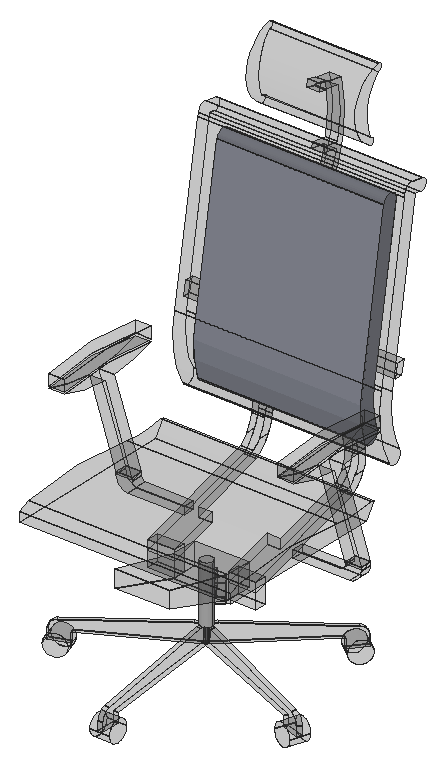
Revit family
Parameters
  Assembly Code = ""
  알루미늄 = 알루미늄
  베이스/Armd 재료 = 플라스틱 - 검은색
  캐스터 재료 = 플라스틱 - 검은색
  좌석/뒷면 재료 = 직물 - 슬레이트
  바닥 [instance] = 130.00 mm
Reference planes
  plane 1 "중심(앞/뒤)": y = 147.9
  plane 2: z = 0
  plane 3 "중심(왼쪽/오른쪽)": x = 300.109
  plane 4: y = 490.8
  plane 5: y = -195
  plane 6: through (0, -131.752, -23.231) normal (0, -0.9848, -0.1736)
Forms (mm)
  Extrusion 1, solid, material "플라스틱 - 검은색" <- "베이스/Armd 재료"
    sketch origin (249.309, 66.846, 101.816) x (0, 1, 0) y (0, 0, 1)
      loop
        line (-38.48, 275.253) -> (-227.688, 322.427) -> (-227.688, 277.631) -> (-36.347, 215.461) -> (31.079, 215.461) -> (31.079, 275.253) -> (-38.48, 275.253)
    from -20 to 121.6
  Extrusion 2, solid, material "플라스틱 - 검은색" <- "캐스터 재료"
    sketch origin (300.109, 66.846, 101.6) x (0, -1, 0) y (0, 0, 1)
      loop
        circle (336.446, 28.184) r 28.2
    from 25.4 to -25.4
  Extrusion 3, solid, material "플라스틱 - 검은색" <- "베이스/Armd 재료"
    sketch origin (282.09, 53.755, 101.816) x (0.951057, -0.309017, 0) y (0, 0, 1)
      loop
        line (18.946, 84.285) -> (311.046, 53.584) -> (311.046, 28.184) -> (361.846, 28.184) -> (361.846, 52.487)
        arc (361.846, 52.487) -> (355.903, 68.813) -> (340.857, 77.501) r 25.4
        line (340.857, 77.501) -> (44.346, 129.784) -> (18.946, 129.784) -> (18.946, 84.285)
    from 6.35 to -6.35
  Extrusion 4, solid, material "플라스틱 - 검은색" <- "캐스터 재료"
    sketch origin (282.09, 53.755, 101.816) x (0.951057, -0.309017, 0) y (0, 0, 1)
      loop
        circle (336.446, 28.184) r 28.2
    from 25.4 to -25.4
  Extrusion 5, solid, material "플라스틱 - 검은색" <- "캐스터 재료"
    sketch origin (288.972, 32.573, 101.816) x (0.587785, 0.809017, 0) y (0, 0, 1)
      loop
        circle (336.446, 28.184) r 28.2
    from 25.4 to -25.4
  Extrusion 6, solid, material "플라스틱 - 검은색" <- "캐스터 재료"
    sketch origin (311.245, 32.573, 101.816) x (-0.587785, 0.809017, 0) y (0, 0, 1)
      loop
        circle (336.446, 28.184) r 28.2
    from 25.4 to -25.4
  Extrusion 7, solid, material "플라스틱 - 검은색" <- "캐스터 재료"
    sketch origin (318.127, 53.755, 101.816) x (-0.951057, -0.309017, 0) y (0, 0, 1)
      loop
        circle (336.446, 28.184) r 28.2
    from 25.4 to -25.4
  Extrusion 8, solid, material "알루미늄" <- "알루미늄"
    sketch origin (370.909, 30.499, 317.277) x (0, 1, 0) y (1, 0, 0)
      loop
        circle (17.402, -70.8) r 15.4
    from 85.677 to -62.17
  Extrusion 9, solid, material "플라스틱 - 검은색" <- "베이스/Armd 재료"
    sketch origin (318.127, 53.755, 101.816) x (-0.951057, -0.309017, 0) y (0, 0, -1)
      loop
        line (18.946, -84.285) -> (18.946, -129.784) -> (44.346, -129.784) -> (340.857, -77.501)
        arc (340.857, -77.501) -> (355.903, -68.813) -> (361.846, -52.487) r 25.4
        line (361.846, -52.487) -> (361.846, -28.184) -> (311.046, -28.184) -> (311.046, -53.584) -> (18.946, -84.285)
    from 6.35 to -6.35
  Extrusion 10, solid, material "플라스틱 - 검은색" <- "베이스/Armd 재료"
    sketch origin (288.972, 32.573, 101.816) x (0.587785, 0.809017, 0) y (0, 0, 1)
      loop
        line (18.946, 84.285) -> (311.046, 53.584) -> (311.046, 28.184) -> (361.846, 28.184) -> (361.846, 52.487)
        arc (361.846, 52.487) -> (355.903, 68.813) -> (340.857, 77.501) r 25.4
        line (340.857, 77.501) -> (44.346, 129.784) -> (18.946, 129.784) -> (18.946, 84.285)
    from 6.35 to -6.35
  Extrusion 11, solid, material "플라스틱 - 검은색" <- "베이스/Armd 재료"
    sketch origin (311.245, 32.573, 101.816) x (-0.587785, 0.809017, 0) y (0, 0, -1)
      loop
        line (18.946, -84.285) -> (18.946, -129.784) -> (44.346, -129.784) -> (340.857, -77.501)
        arc (340.857, -77.501) -> (355.903, -68.813) -> (361.846, -52.487) r 25.4
        line (361.846, -52.487) -> (361.846, -28.184) -> (311.046, -28.184) -> (311.046, -53.584) -> (18.946, -84.285)
    from 6.35 to -6.35
  Extrusion 12, solid, material "플라스틱 - 검은색" <- "베이스/Armd 재료"
    sketch origin (300.109, 66.846, 101.816) x (0, -1, 0) y (0, 0, 1)
      loop
        line (18.946, 84.285) -> (311.046, 53.584) -> (311.046, 28.184) -> (361.846, 28.184) -> (361.846, 52.487)
        arc (361.846, 52.487) -> (355.903, 68.813) -> (340.857, 77.501) r 25.4
        line (340.857, 77.501) -> (44.346, 129.784) -> (18.946, 129.784) -> (18.946, 84.285)
    from 6.35 to -6.35
  Extrusion 13, solid, material "플라스틱 - 검은색" <- "베이스/Armd 재료"
    sketch origin (27.059, 124.1, 647.916) x (0, -1, 0) y (0, 0, -1)
      loop
        line (339.15, 162.316) -> (-100.85, 162.316) -> (-126.661, 125.455)
        arc (-126.661, 125.455) -> (-18.522, 98.743) -> (92.431, 88.9) r 725.52
        arc (92.431, 88.9) -> (218.241, 100.275) -> (339.15, 136.857) r 621.433
        line (339.15, 136.857) -> (339.15, 162.316)
    from 546.1 to 0
  Extrusion 14, void
    sketch origin (617.609, 124.1, 647.916) x (0, 1, 0) y (0, 0, -1)
      loop
        arc (-92.431, 88.9) -> (12.719, 97.799) -> (115.465, 121.857) r 725.52
        arc (115.465, 121.857) -> (60.578, 129.513) -> (5.305, 125.496) r 262.954
        arc (5.305, 125.496) -> (-152.292, 111.423) -> (-309.889, 125.496) r 889.443
        arc (-309.889, 125.496) -> (-202.797, 97.475) -> (-92.431, 88.9) r 621.433
    from 590.55 to 44.45
  Extrusion 15, solid, material "플라스틱 - 검은색" <- "베이스/Armd 재료"
    sketch origin (370.909, 66.846, 101.816) x (0, 1, 0) y (0, 0, 1)
      loop
        line (-34.346, 255.253) -> (276.508, 344.389)
        arc (276.508, 344.389) -> (311.299, 381.051) -> (323.954, 429.984) r 100.932
        line (323.954, 429.984) -> (323.954, 697.2) -> (264.011, 697.2) -> (259.602, 672.2) -> (298.954, 672.2) -> (298.954, 429.984)
        arc (298.954, 429.984) -> (290.211, 394.609) -> (265.994, 367.381) r 75.932
        line (265.994, 367.381) -> (-34.346, 281.26) -> (-34.346, 255.253)
    from 70 to 0
  Extrusion 16, void
    sketch origin (229.309, 390.8, 531.801) x (0, 0, 1) y (1, 0, 0)
      loop
        line (267.216, -70) -> (267.216, -35) -> (148.005, -35)
        arc (148.005, -35) -> (118.364, -39.758) -> (89.463, -47.881) r 261.606
        arc (89.463, -47.881) -> (24.251, -64.432) -> (-42.798, -70) r 406.493
        line (-42.798, -70) -> (267.216, -70)
      loop
        line (-174.731, 0) -> (-174.731, -35) -> (-42.798, -35)
        arc (-42.798, -35) -> (18.478, -29.912) -> (78.075, -14.786) r 371.493
        arc (78.075, -14.786) -> (111.74, -5.38) -> (146.279, 0) r 296.606
        line (146.279, 0) -> (-174.731, 0)
    from 19.654 to -235.021
  Extrusion 17, solid, material "플라스틱 - 검은색" <- "베이스/Armd 재료"
    sketch origin (229.309, 66.846, 101.816) x (0, 1, 0) y (0, 0, -1)
      loop
        line (-34.346, -255.253) -> (-34.346, -281.26) -> (265.994, -367.381)
        arc (265.994, -367.381) -> (290.211, -394.609) -> (298.954, -429.984) r 75.932
        line (298.954, -429.984) -> (298.954, -672.2) -> (254.375, -672.2) -> (258.784, -697.2) -> (323.954, -697.2) -> (323.954, -429.984)
        arc (323.954, -429.984) -> (311.299, -381.051) -> (276.508, -344.389) r 100.932
        line (276.508, -344.389) -> (-34.346, -255.253)
    from 70 to 0
  Extrusion 18, void
    sketch origin (370.909, 390.8, 531.801) x (0, 0, 1) y (1, 0, 0)
      loop
        line (267.216, 70) -> (-42.798, 70)
        arc (-42.798, 70) -> (24.251, 64.432) -> (89.463, 47.881) r 406.493
        arc (89.463, 47.881) -> (118.364, 39.758) -> (148.005, 35) r 261.606
        line (148.005, 35) -> (267.216, 35) -> (267.216, 70)
      loop
        line (-174.731, 0) -> (146.279, 0)
        arc (146.279, 0) -> (111.74, 5.38) -> (78.075, 14.786) r 296.606
        arc (78.075, 14.786) -> (18.478, 29.912) -> (-42.798, 35) r 371.493
        line (-42.798, 35) -> (-174.731, 35) -> (-174.731, 0)
    from 19.654 to -235.021
  Extrusion 19, solid, material "플라스틱 - 검은색" <- "베이스/Armd 재료"
    sketch origin (370.909, 66.846, 101.816) x (0, 1, 0) y (0, 0, 1)
      loop
        line (-34.346, 281.26) -> (-34.346, 215.461) -> (-2.634, 215.461) -> (-2.634, 281.26) -> (-34.346, 281.26)
    from 70 to 0
  Extrusion 20, solid, material "플라스틱 - 검은색" <- "베이스/Armd 재료"
    sketch origin (229.309, 66.846, 101.816) x (0, 1, 0) y (0, 0, -1)
      loop
        line (-34.346, -281.26) -> (-2.634, -281.26) -> (-2.634, -215.461) -> (-34.346, -215.461) -> (-34.346, -281.26)
    from 70 to 0
  Extrusion 21, solid, material "플라스틱 - 검은색" <- "베이스/Armd 재료"
    sketch origin (617.609, 251.1, 760.825) x (0, -1, 0) y (0, 0, -1)
      loop
        arc (35.477, 10.435) -> (176.6, -2.247) -> (317.723, 10.435) r 791.576
        line (317.723, 10.435) -> (317.723, 40.943)
        arc (317.723, 40.943) -> (176.6, 27.753) -> (35.477, 40.943) r 761.576
        line (35.477, 40.943) -> (35.477, 10.435)
      loop
        line (67.346, 334.377) -> (154.306, 71.085)
        arc (154.306, 71.085) -> (94.381, 63.02) -> (36.403, 45.856) r 392.945
        arc (36.403, 45.856) -> (176.6, 32.753) -> (316.797, 45.856) r 756.576
        arc (316.797, 45.856) -> (252.364, 64.344) -> (185.726, 71.612) r 392.945
        line (185.726, 71.612) -> (96.207, 342.652) -> (67.346, 334.377)
    from 0 to -41.659
  Extrusion 22, solid, material "플라스틱 - 검은색" <- "베이스/Armd 재료"
    sketch origin (-17.391, 251.1, 760.825) x (0, -1, 0) y (0, 0, 1)
      loop
        line (35.477, -10.435) -> (35.477, -40.943)
        arc (35.477, -40.943) -> (176.6, -27.753) -> (317.723, -40.943) r 761.576
        line (317.723, -40.943) -> (317.723, -10.435)
        arc (317.723, -10.435) -> (176.6, 2.247) -> (35.477, -10.435) r 791.576
      loop
        line (67.346, -334.377) -> (96.207, -342.652) -> (185.726, -71.612)
        arc (185.726, -71.612) -> (252.364, -64.344) -> (316.797, -45.856) r 392.945
        arc (316.797, -45.856) -> (176.6, -32.753) -> (36.403, -45.856) r 756.576
        arc (36.403, -45.856) -> (94.381, -63.02) -> (154.306, -71.085) r 392.945
        line (154.306, -71.085) -> (67.346, -334.377)
    from 0 to -41.659
  Extrusion 23, solid, material "플라스틱 - 검은색" <- "베이스/Armd 재료"
    sketch origin (229.309, 64.212, 383.077) x (0, 0, -1) y (-1, 0, 0)
      loop
        line (-2.532, 70) -> (-2.532, 217.546)
        arc (-2.532, 217.546) -> (-13.242, 238.347) -> (-35.096, 246.7) r 32.763
        line (-35.096, 246.7) -> (-43.371, 246.7) -> (-43.371, 205.041) -> (-35.096, 205.041)
        arc (-35.096, 205.041) -> (-27.452, 202.179) -> (-23.569, 195) r 11.636
        line (-23.569, 195) -> (-23.569, 70) -> (-2.532, 70)
    from 119.589 to 87.926
  Extrusion 24, solid, material "플라스틱 - 검은색" <- "베이스/Armd 재료"
    sketch origin (370.909, 64.212, 383.077) x (0, 0, -1) y (-1, 0, 0)
      loop
        line (-2.532, -70) -> (-23.569, -70) -> (-23.569, -195)
        arc (-23.569, -195) -> (-27.452, -202.179) -> (-35.096, -205.041) r 11.636
        line (-35.096, -205.041) -> (-43.371, -205.041) -> (-43.371, -246.7) -> (-35.096, -246.7)
        arc (-35.096, -246.7) -> (-13.242, -238.347) -> (-2.532, -217.546) r 32.763
        line (-2.532, -217.546) -> (-2.532, -70)
    from 119.589 to 87.926
  Extrusion 25, solid, material "플라스틱 - 검은색" <- "베이스/Armd 재료"
    sketch origin (370.909, 66.846, 101.816) x (0, 1, 0) y (0, 0, 1)
      loop
        arc (313.148, 1102.747) -> (297.687, 1099.164) -> (288.67, 1086.102) r 21.978
        line (288.67, 1086.102) -> (286.887, 1075.99)
        arc (286.887, 1075.99) -> (255.665, 866.964) -> (213.513, 659.865) r 4024.658
        arc (213.513, 659.865) -> (209.257, 567.973) -> (237.779, 480.515) r 255.835
        arc (237.779, 480.515) -> (264.887, 472.444) -> (272.958, 499.553) r 20
        arc (272.958, 499.553) -> (249.546, 568.877) -> (250.641, 642.041) r 215.835
        arc (250.641, 642.041) -> (297.694, 853.952) -> (324.408, 1069.374) r 2283.079
        line (324.408, 1069.374) -> (340.469, 1066.315)
        arc (340.469, 1066.315) -> (358.406, 1078.512) -> (346.209, 1096.45) r 15.338
        line (346.209, 1096.45) -> (313.148, 1102.747)
    from 196.7 to -338.3
  Extrusion 26, void
    sketch origin (567.609, 66.846, 101.816) x (0, -1, 0) y (0, 0, 1)
      loop
        arc (-283.033, 1045.527) -> (-304.261, 1062.57) -> (-322.169, 1042.067) r 19.661
        arc (-322.169, 1042.067) -> (-295.323, 840.459) -> (-250.641, 642.041) r 2283.079
        arc (-250.641, 642.041) -> (-247.485, 587.033) -> (-258.36, 533.019) r 215.835
        arc (-258.36, 533.019) -> (-246.324, 509.151) -> (-221.163, 518.178) r 20.175
        arc (-221.163, 518.178) -> (-207.319, 588.481) -> (-213.513, 659.865) r 255.835
        arc (-213.513, 659.865) -> (-252.97, 851.849) -> (-283.033, 1045.527) r 4024.658
    from 482.201 to 49.852
  Extrusion 27, solid, material "직물 - 슬레이트" <- "좌석/뒷면 재료"
    sketch origin (567.609, 66.846, 101.816) x (0, 1, 0) y (0, 0, 1)
      loop
        arc (283.033, 1045.527) -> (252.97, 851.849) -> (213.513, 659.865) r 4024.658
        arc (213.513, 659.865) -> (207.319, 588.481) -> (221.163, 518.178) r 255.835
        arc (221.163, 518.178) -> (246.324, 509.151) -> (258.36, 533.019) r 20.175
        arc (258.36, 533.019) -> (247.485, 587.033) -> (250.641, 642.041) r 215.835
        arc (250.641, 642.041) -> (295.323, 840.459) -> (322.169, 1042.067) r 2283.079
        arc (322.169, 1042.067) -> (304.261, 1062.57) -> (283.033, 1045.527) r 19.661
    from -49.852 to -482.201
  Extrusion 28, solid, material "플라스틱 - 검은색" <- "베이스/Armd 재료"
    sketch origin (567.609, 66.846, 101.816) x (0, 1, 0) y (0, 0, 1)
      loop
        line (287.727, 702.2) -> (264.892, 702.2) -> (258.788, 667.58) -> (279.215, 667.58) -> (287.727, 702.2)
    from 0 to -548.891
  Extrusion 29, solid, material "플라스틱 - 검은색" <- "베이스/Armd 재료"
    sketch origin (567.609, 66.846, 111.816) x (0, 1, 0) y (0, 0, 1)
      loop
        arc (336.639, 1138.739) -> (327.79, 1213.917) -> (361.818, 1281.536) r 131.611
        arc (361.818, 1281.536) -> (371.61, 1291.328) -> (361.818, 1301.119) r 9.792
        arc (361.818, 1301.119) -> (285.865, 1221.178) -> (333.652, 1121.8) r 97.077
        arc (333.652, 1121.8) -> (347.176, 1128.148) -> (336.639, 1138.739) r 9.135
    from -126.7 to -408.3
  Extrusion 30, solid, material "플라스틱 - 검은색" <- "베이스/Armd 재료"
    sketch origin (440.909, 66.846, 111.816) x (0, 1, 0) y (0, 0, 1)
      loop
        line (342.172, 957.214) -> (358.185, 954.39)
        arc (358.185, 954.39) -> (404.778, 1077.668) -> (399.71, 1209.359) r 331.832
        line (399.71, 1209.359) -> (352.328, 1217.714) -> (352.675, 1219.684) -> (329.526, 1223.765) -> (326.053, 1204.069) -> (349.202, 1199.988) -> (349.549, 1201.957) -> (387.509, 1195.264)
        arc (387.509, 1195.264) -> (394.089, 1129.496) -> (386.881, 1063.794) r 316.832
        line (386.881, 1063.794) -> (345.676, 1070.621) -> (340.469, 1056.315) -> (383.351, 1049.21)
        arc (383.351, 1049.21) -> (366.443, 1001.564) -> (342.172, 957.214) r 316.832
    from -125 to -156.6
  Extrusion 31, solid, material "플라스틱 - 검은색" <- "베이스/Armd 재료", not visible
    sketch origin (249.309, 66.846, 0) x (0, 1, 0) y (0, 0, 1)
      loop
        line (-38.48, 275.253) -> (-227.688, 322.427) -> (-227.688, 277.631) -> (-36.347, 215.461) -> (31.079, 215.461) -> (31.079, 275.253) -> (-38.48, 275.253)
    from -20 to 121.6
  Extrusion 32, solid, material "플라스틱 - 검은색" <- "캐스터 재료", not visible
    sketch origin (300.109, 66.846, 0) x (0, -1, 0) y (0, 0, 1)
      loop
        circle (336.446, 28.184) r 28.2
    from 25.4 to -25.4
  Extrusion 33, solid, material "플라스틱 - 검은색" <- "베이스/Armd 재료", not visible
    sketch origin (282.09, 53.755, 0) x (0.951057, -0.309017, 0) y (0, 0, 1)
      loop
        line (18.946, 84.285) -> (311.046, 53.584) -> (311.046, 28.184) -> (361.846, 28.184) -> (361.846, 52.487)
        arc (361.846, 52.487) -> (355.903, 68.813) -> (340.857, 77.501) r 25.4
        line (340.857, 77.501) -> (44.346, 129.784) -> (18.946, 129.784) -> (18.946, 84.285)
    from 6.35 to -6.35
  Extrusion 34, solid, material "플라스틱 - 검은색" <- "캐스터 재료", not visible
    sketch origin (282.09, 53.755, 0) x (0.951057, -0.309017, 0) y (0, 0, 1)
      loop
        circle (336.446, 28.184) r 28.2
    from 25.4 to -25.4
  Extrusion 35, solid, material "플라스틱 - 검은색" <- "캐스터 재료", not visible
    sketch origin (288.972, 32.573, 0) x (0.587785, 0.809017, 0) y (0, 0, 1)
      loop
        circle (336.446, 28.184) r 28.2
    from 25.4 to -25.4
  Extrusion 36, solid, material "플라스틱 - 검은색" <- "캐스터 재료", not visible
    sketch origin (311.245, 32.573, 0) x (-0.587785, 0.809017, 0) y (0, 0, 1)
      loop
        circle (336.446, 28.184) r 28.2
    from 25.4 to -25.4
  Extrusion 37, solid, material "플라스틱 - 검은색" <- "캐스터 재료", not visible
    sketch origin (318.127, 53.755, 0) x (-0.951057, -0.309017, 0) y (0, 0, 1)
      loop
        circle (336.446, 28.184) r 28.2
    from 25.4 to -25.4
  Extrusion 38, solid, material "알루미늄" <- "알루미늄", not visible
    sketch origin (441.099, 66.846, 0) x (-1, 0, 0) y (0, -1, 0)
      loop
        circle (140.991, 18.946) r 15.4
    from 84.285 to 275.253
  Extrusion 39, solid, material "플라스틱 - 검은색" <- "베이스/Armd 재료", not visible
    sketch origin (318.127, 53.755, 0) x (-0.951057, -0.309017, 0) y (0, 0, -1)
      loop
        line (18.946, -84.285) -> (18.946, -129.784) -> (44.346, -129.784) -> (340.857, -77.501)
        arc (340.857, -77.501) -> (355.903, -68.813) -> (361.846, -52.487) r 25.4
        line (361.846, -52.487) -> (361.846, -28.184) -> (311.046, -28.184) -> (311.046, -53.584) -> (18.946, -84.285)
    from 6.35 to -6.35
  Extrusion 40, solid, material "플라스틱 - 검은색" <- "베이스/Armd 재료", not visible
    sketch origin (288.972, 32.573, 0) x (0.587785, 0.809017, 0) y (0, 0, 1)
      loop
        line (18.946, 84.285) -> (311.046, 53.584) -> (311.046, 28.184) -> (361.846, 28.184) -> (361.846, 52.487)
        arc (361.846, 52.487) -> (355.903, 68.813) -> (340.857, 77.501) r 25.4
        line (340.857, 77.501) -> (44.346, 129.784) -> (18.946, 129.784) -> (18.946, 84.285)
    from 6.35 to -6.35
  Extrusion 41, solid, material "플라스틱 - 검은색" <- "베이스/Armd 재료", not visible
    sketch origin (311.245, 32.573, 0) x (-0.587785, 0.809017, 0) y (0, 0, -1)
      loop
        line (18.946, -84.285) -> (18.946, -129.784) -> (44.346, -129.784) -> (340.857, -77.501)
        arc (340.857, -77.501) -> (355.903, -68.813) -> (361.846, -52.487) r 25.4
        line (361.846, -52.487) -> (361.846, -28.184) -> (311.046, -28.184) -> (311.046, -53.584) -> (18.946, -84.285)
    from 6.35 to -6.35
  Extrusion 42, solid, material "플라스틱 - 검은색" <- "베이스/Armd 재료", not visible
    sketch origin (300.109, 66.846, 0) x (0, -1, 0) y (0, 0, 1)
      loop
        line (18.946, 84.285) -> (311.046, 53.584) -> (311.046, 28.184) -> (361.846, 28.184) -> (361.846, 52.487)
        arc (361.846, 52.487) -> (355.903, 68.813) -> (340.857, 77.501) r 25.4
        line (340.857, 77.501) -> (44.346, 129.784) -> (18.946, 129.784) -> (18.946, 84.285)
    from 6.35 to -6.35
  Extrusion 43, solid, material "플라스틱 - 검은색" <- "베이스/Armd 재료", not visible
    sketch origin (27.059, 124.1, 546.1) x (0, -1, 0) y (0, 0, -1)
      loop
        line (339.15, 162.316) -> (-100.85, 162.316) -> (-126.661, 125.455)
        arc (-126.661, 125.455) -> (-18.522, 98.743) -> (92.431, 88.9) r 725.52
        arc (92.431, 88.9) -> (218.241, 100.275) -> (339.15, 136.857) r 621.433
        line (339.15, 136.857) -> (339.15, 162.316)
    from 546.1 to 0
  Extrusion 44, void, not visible
    sketch origin (617.609, 124.1, 546.1) x (0, 1, 0) y (0, 0, -1)
      loop
        arc (-92.431, 88.9) -> (12.719, 97.799) -> (115.465, 121.857) r 725.52
        arc (115.465, 121.857) -> (60.578, 129.513) -> (5.305, 125.496) r 262.954
        arc (5.305, 125.496) -> (-152.292, 111.423) -> (-309.889, 125.496) r 889.443
        arc (-309.889, 125.496) -> (-202.797, 97.475) -> (-92.431, 88.9) r 621.433
    from 590.55 to 44.45
  Extrusion 45, solid, material "플라스틱 - 검은색" <- "베이스/Armd 재료", not visible
    sketch origin (370.909, 66.846, 0) x (0, 1, 0) y (0, 0, 1)
      loop
        line (-34.346, 255.253) -> (276.508, 344.389)
        arc (276.508, 344.389) -> (311.299, 381.051) -> (323.954, 429.984) r 100.932
        line (323.954, 429.984) -> (323.954, 697.2) -> (264.011, 697.2) -> (259.602, 672.2) -> (298.954, 672.2) -> (298.954, 429.984)
        arc (298.954, 429.984) -> (290.211, 394.609) -> (265.994, 367.381) r 75.932
        line (265.994, 367.381) -> (-34.346, 281.26) -> (-34.346, 255.253)
    from 70 to 0
  Extrusion 46, void, not visible
    sketch origin (229.309, 390.8, 429.984) x (0, 0, 1) y (1, 0, 0)
      loop
        line (267.216, -70) -> (267.216, -35) -> (148.005, -35)
        arc (148.005, -35) -> (118.364, -39.758) -> (89.463, -47.881) r 261.606
        arc (89.463, -47.881) -> (24.251, -64.432) -> (-42.798, -70) r 406.493
        line (-42.798, -70) -> (267.216, -70)
      loop
        line (-174.731, 0) -> (-174.731, -35) -> (-42.798, -35)
        arc (-42.798, -35) -> (18.478, -29.912) -> (78.075, -14.786) r 371.493
        arc (78.075, -14.786) -> (111.74, -5.38) -> (146.279, 0) r 296.606
        line (146.279, 0) -> (-174.731, 0)
    from 19.654 to -235.021
  Extrusion 47, solid, material "플라스틱 - 검은색" <- "베이스/Armd 재료", not visible
    sketch origin (229.309, 66.846, 0) x (0, 1, 0) y (0, 0, -1)
      loop
        line (-34.346, -255.253) -> (-34.346, -281.26) -> (265.994, -367.381)
        arc (265.994, -367.381) -> (290.211, -394.609) -> (298.954, -429.984) r 75.932
        line (298.954, -429.984) -> (298.954, -672.2) -> (254.375, -672.2) -> (258.784, -697.2) -> (323.954, -697.2) -> (323.954, -429.984)
        arc (323.954, -429.984) -> (311.299, -381.051) -> (276.508, -344.389) r 100.932
        line (276.508, -344.389) -> (-34.346, -255.253)
    from 70 to 0
  Extrusion 48, void, not visible
    sketch origin (370.909, 390.8, 429.984) x (0, 0, 1) y (1, 0, 0)
      loop
        line (267.216, 70) -> (-42.798, 70)
        arc (-42.798, 70) -> (24.251, 64.432) -> (89.463, 47.881) r 406.493
        arc (89.463, 47.881) -> (118.364, 39.758) -> (148.005, 35) r 261.606
        line (148.005, 35) -> (267.216, 35) -> (267.216, 70)
      loop
        line (-174.731, 0) -> (146.279, 0)
        arc (146.279, 0) -> (111.74, 5.38) -> (78.075, 14.786) r 296.606
        arc (78.075, 14.786) -> (18.478, 29.912) -> (-42.798, 35) r 371.493
        line (-42.798, 35) -> (-174.731, 35) -> (-174.731, 0)
    from 19.654 to -235.021
  Extrusion 49, solid, material "플라스틱 - 검은색" <- "베이스/Armd 재료", not visible
    sketch origin (370.909, 66.846, 0) x (0, 1, 0) y (0, 0, 1)
      loop
        line (-34.346, 281.26) -> (-34.346, 215.461) -> (-2.634, 215.461) -> (-2.634, 281.26) -> (-34.346, 281.26)
    from 70 to 0
  Extrusion 50, solid, material "플라스틱 - 검은색" <- "베이스/Armd 재료", not visible
    sketch origin (229.309, 66.846, 0) x (0, 1, 0) y (0, 0, -1)
      loop
        line (-34.346, -281.26) -> (-2.634, -281.26) -> (-2.634, -215.461) -> (-34.346, -215.461) -> (-34.346, -281.26)
    from 70 to 0
  Extrusion 51, solid, material "플라스틱 - 검은색" <- "베이스/Armd 재료", not visible
    sketch origin (617.609, 251.1, 659.008) x (0, -1, 0) y (0, 0, -1)
      loop
        arc (35.477, 10.435) -> (176.6, -2.247) -> (317.723, 10.435) r 791.576
        line (317.723, 10.435) -> (317.723, 40.943)
        arc (317.723, 40.943) -> (176.6, 27.753) -> (35.477, 40.943) r 761.576
        line (35.477, 40.943) -> (35.477, 10.435)
      loop
        line (67.346, 334.377) -> (154.306, 71.085)
        arc (154.306, 71.085) -> (94.381, 63.02) -> (36.403, 45.856) r 392.945
        arc (36.403, 45.856) -> (176.6, 32.753) -> (316.797, 45.856) r 756.576
        arc (316.797, 45.856) -> (252.364, 64.344) -> (185.726, 71.612) r 392.945
        line (185.726, 71.612) -> (96.207, 342.652) -> (67.346, 334.377)
    from 0 to -41.659
  Extrusion 52, solid, material "플라스틱 - 검은색" <- "베이스/Armd 재료", not visible
    sketch origin (-17.391, 251.1, 659.008) x (0, -1, 0) y (0, 0, 1)
      loop
        line (35.477, -10.435) -> (35.477, -40.943)
        arc (35.477, -40.943) -> (176.6, -27.753) -> (317.723, -40.943) r 761.576
        line (317.723, -40.943) -> (317.723, -10.435)
        arc (317.723, -10.435) -> (176.6, 2.247) -> (35.477, -10.435) r 791.576
      loop
        line (67.346, -334.377) -> (96.207, -342.652) -> (185.726, -71.612)
        arc (185.726, -71.612) -> (252.364, -64.344) -> (316.797, -45.856) r 392.945
        arc (316.797, -45.856) -> (176.6, -32.753) -> (36.403, -45.856) r 756.576
        arc (36.403, -45.856) -> (94.381, -63.02) -> (154.306, -71.085) r 392.945
        line (154.306, -71.085) -> (67.346, -334.377)
    from 0 to -41.659
  Extrusion 53, solid, material "플라스틱 - 검은색" <- "베이스/Armd 재료", not visible
    sketch origin (229.309, 64.212, 281.26) x (0, 0, -1) y (-1, 0, 0)
      loop
        line (-2.532, 70) -> (-2.532, 217.546)
        arc (-2.532, 217.546) -> (-13.242, 238.347) -> (-35.096, 246.7) r 32.763
        line (-35.096, 246.7) -> (-43.371, 246.7) -> (-43.371, 205.041) -> (-35.096, 205.041)
        arc (-35.096, 205.041) -> (-27.452, 202.179) -> (-23.569, 195) r 11.636
        line (-23.569, 195) -> (-23.569, 70) -> (-2.532, 70)
    from 119.589 to 87.926
  Extrusion 54, solid, material "플라스틱 - 검은색" <- "베이스/Armd 재료", not visible
    sketch origin (370.909, 64.212, 281.26) x (0, 0, -1) y (-1, 0, 0)
      loop
        line (-2.532, -70) -> (-23.569, -70) -> (-23.569, -195)
        arc (-23.569, -195) -> (-27.452, -202.179) -> (-35.096, -205.041) r 11.636
        line (-35.096, -205.041) -> (-43.371, -205.041) -> (-43.371, -246.7) -> (-35.096, -246.7)
        arc (-35.096, -246.7) -> (-13.242, -238.347) -> (-2.532, -217.546) r 32.763
        line (-2.532, -217.546) -> (-2.532, -70)
    from 119.589 to 87.926
  Extrusion 55, solid, material "플라스틱 - 검은색" <- "베이스/Armd 재료", not visible
    sketch origin (370.909, 66.846, 0) x (0, 1, 0) y (0, 0, 1)
      loop
        arc (313.148, 1102.747) -> (297.687, 1099.164) -> (288.67, 1086.102) r 21.978
        line (288.67, 1086.102) -> (286.887, 1075.99)
        arc (286.887, 1075.99) -> (255.665, 866.964) -> (213.513, 659.865) r 4024.658
        arc (213.513, 659.865) -> (209.257, 567.973) -> (237.779, 480.515) r 255.835
        arc (237.779, 480.515) -> (264.887, 472.444) -> (272.958, 499.553) r 20
        arc (272.958, 499.553) -> (249.546, 568.877) -> (250.641, 642.041) r 215.835
        arc (250.641, 642.041) -> (297.694, 853.952) -> (324.408, 1069.374) r 2283.079
        line (324.408, 1069.374) -> (340.469, 1066.315)
        arc (340.469, 1066.315) -> (358.406, 1078.512) -> (346.209, 1096.45) r 15.338
        line (346.209, 1096.45) -> (313.148, 1102.747)
    from 196.7 to -338.3
  Extrusion 56, void, not visible
    sketch origin (567.609, 66.846, 0) x (0, -1, 0) y (0, 0, 1)
      loop
        arc (-283.033, 1045.527) -> (-304.261, 1062.57) -> (-322.169, 1042.067) r 19.661
        arc (-322.169, 1042.067) -> (-295.323, 840.459) -> (-250.641, 642.041) r 2283.079
        arc (-250.641, 642.041) -> (-247.485, 587.033) -> (-258.36, 533.019) r 215.835
        arc (-258.36, 533.019) -> (-246.324, 509.151) -> (-221.163, 518.178) r 20.175
        arc (-221.163, 518.178) -> (-207.319, 588.481) -> (-213.513, 659.865) r 255.835
        arc (-213.513, 659.865) -> (-252.97, 851.849) -> (-283.033, 1045.527) r 4024.658
    from 482.201 to 49.852
  Extrusion 57, solid, material "직물 - 슬레이트" <- "좌석/뒷면 재료", not visible
    sketch origin (567.609, 66.846, 0) x (0, 1, 0) y (0, 0, 1)
      loop
        arc (283.033, 1045.527) -> (252.97, 851.849) -> (213.513, 659.865) r 4024.658
        arc (213.513, 659.865) -> (207.319, 588.481) -> (221.163, 518.178) r 255.835
        arc (221.163, 518.178) -> (246.324, 509.151) -> (258.36, 533.019) r 20.175
        arc (258.36, 533.019) -> (247.485, 587.033) -> (250.641, 642.041) r 215.835
        arc (250.641, 642.041) -> (295.323, 840.459) -> (322.169, 1042.067) r 2283.079
        arc (322.169, 1042.067) -> (304.261, 1062.57) -> (283.033, 1045.527) r 19.661
    from -49.852 to -482.201
  Extrusion 58, solid, material "플라스틱 - 검은색" <- "베이스/Armd 재료", not visible
    sketch origin (567.609, 66.846, 0) x (0, 1, 0) y (0, 0, 1)
      loop
        line (287.727, 702.2) -> (264.892, 702.2) -> (258.788, 667.58) -> (279.215, 667.58) -> (287.727, 702.2)
    from 0 to -548.891
  Extrusion 59, solid, material "플라스틱 - 검은색" <- "베이스/Armd 재료", not visible
    sketch origin (567.609, 66.846, 10) x (0, 1, 0) y (0, 0, 1)
      loop
        arc (336.639, 1138.739) -> (327.79, 1213.917) -> (361.818, 1281.536) r 131.611
        arc (361.818, 1281.536) -> (371.61, 1291.328) -> (361.818, 1301.119) r 9.792
        arc (361.818, 1301.119) -> (285.865, 1221.178) -> (333.652, 1121.8) r 97.077
        arc (333.652, 1121.8) -> (347.176, 1128.148) -> (336.639, 1138.739) r 9.135
    from -126.7 to -408.3
  Extrusion 60, solid, material "플라스틱 - 검은색" <- "베이스/Armd 재료", not visible
    sketch origin (440.909, 66.846, 10) x (0, 1, 0) y (0, 0, 1)
      loop
        line (342.172, 957.214) -> (358.185, 954.39)
        arc (358.185, 954.39) -> (404.778, 1077.668) -> (399.71, 1209.359) r 331.832
        line (399.71, 1209.359) -> (352.328, 1217.714) -> (352.675, 1219.684) -> (329.526, 1223.765) -> (326.053, 1204.069) -> (349.202, 1199.988) -> (349.549, 1201.957) -> (387.509, 1195.264)
        arc (387.509, 1195.264) -> (394.089, 1129.496) -> (386.881, 1063.794) r 316.832
        line (386.881, 1063.794) -> (345.676, 1070.621) -> (340.469, 1056.315) -> (383.351, 1049.21)
        arc (383.351, 1049.21) -> (366.443, 1001.564) -> (342.172, 957.214) r 316.832
    from -125 to -156.6
  Extrusion 61, solid, material "플라스틱 - 검은색" <- "베이스/Armd 재료", not visible
    sketch origin (249.309, 66.846, 0) x (0, 1, 0) y (0, 0, 1)
      loop
        line (-38.48, 275.253) -> (-227.688, 322.427) -> (-227.688, 277.631) -> (-36.347, 215.461) -> (31.079, 215.461) -> (31.079, 275.253) -> (-38.48, 275.253)
    from -20 to 121.6
  Extrusion 62, solid, material "플라스틱 - 검은색" <- "캐스터 재료", not visible
    sketch origin (300.109, 66.846, -0.216) x (0, -1, 0) y (0, 0, 1)
      loop
        circle (336.446, 28.184) r 28.2
    from 25.4 to -25.4
  Extrusion 63, solid, material "플라스틱 - 검은색" <- "베이스/Armd 재료", not visible
    sketch origin (282.09, 53.755, 0) x (0.951057, -0.309017, 0) y (0, 0, 1)
      loop
        line (18.946, 84.285) -> (311.046, 53.584) -> (311.046, 28.184) -> (361.846, 28.184) -> (361.846, 52.487)
        arc (361.846, 52.487) -> (355.903, 68.813) -> (340.857, 77.501) r 25.4
        line (340.857, 77.501) -> (44.346, 129.784) -> (18.946, 129.784) -> (18.946, 84.285)
    from 6.35 to -6.35
  Extrusion 64, solid, material "플라스틱 - 검은색" <- "캐스터 재료", not visible
    sketch origin (282.09, 53.755, 0) x (0.951057, -0.309017, 0) y (0, 0, 1)
      loop
        circle (336.446, 28.184) r 28.2
    from 25.4 to -25.4
  Extrusion 65, solid, material "플라스틱 - 검은색" <- "캐스터 재료", not visible
    sketch origin (288.972, 32.573, 0) x (0.587785, 0.809017, 0) y (0, 0, 1)
      loop
        circle (336.446, 28.184) r 28.2
    from 25.4 to -25.4
  Extrusion 66, solid, material "플라스틱 - 검은색" <- "캐스터 재료", not visible
    sketch origin (311.245, 32.573, 0) x (-0.587785, 0.809017, 0) y (0, 0, 1)
      loop
        circle (336.446, 28.184) r 28.2
    from 25.4 to -25.4
  Extrusion 67, solid, material "플라스틱 - 검은색" <- "캐스터 재료", not visible
    sketch origin (318.127, 53.755, 0) x (-0.951057, -0.309017, 0) y (0, 0, 1)
      loop
        circle (336.446, 28.184) r 28.2
    from 25.4 to -25.4
  Extrusion 68, solid, material "알루미늄" <- "알루미늄", not visible
    sketch origin (370.909, 30.499, 215.461) x (0, 1, 0) y (1, 0, 0)
      loop
        circle (17.402, -70.8) r 15.4
    from 85.677 to -62.17
  Extrusion 69, solid, material "플라스틱 - 검은색" <- "베이스/Armd 재료", not visible
    sketch origin (318.127, 53.755, 0) x (-0.951057, -0.309017, 0) y (0, 0, -1)
      loop
        line (18.946, -84.285) -> (18.946, -129.784) -> (44.346, -129.784) -> (340.857, -77.501)
        arc (340.857, -77.501) -> (355.903, -68.813) -> (361.846, -52.487) r 25.4
        line (361.846, -52.487) -> (361.846, -28.184) -> (311.046, -28.184) -> (311.046, -53.584) -> (18.946, -84.285)
    from 6.35 to -6.35
  Extrusion 70, solid, material "플라스틱 - 검은색" <- "베이스/Armd 재료", not visible
    sketch origin (288.972, 32.573, 0) x (0.587785, 0.809017, 0) y (0, 0, 1)
      loop
        line (18.946, 84.285) -> (311.046, 53.584) -> (311.046, 28.184) -> (361.846, 28.184) -> (361.846, 52.487)
        arc (361.846, 52.487) -> (355.903, 68.813) -> (340.857, 77.501) r 25.4
        line (340.857, 77.501) -> (44.346, 129.784) -> (18.946, 129.784) -> (18.946, 84.285)
    from 6.35 to -6.35
  Extrusion 71, solid, material "플라스틱 - 검은색" <- "베이스/Armd 재료", not visible
    sketch origin (311.245, 32.573, 0) x (-0.587785, 0.809017, 0) y (0, 0, -1)
      loop
        line (18.946, -84.285) -> (18.946, -129.784) -> (44.346, -129.784) -> (340.857, -77.501)
        arc (340.857, -77.501) -> (355.903, -68.813) -> (361.846, -52.487) r 25.4
        line (361.846, -52.487) -> (361.846, -28.184) -> (311.046, -28.184) -> (311.046, -53.584) -> (18.946, -84.285)
    from 6.35 to -6.35
  Extrusion 72, solid, material "플라스틱 - 검은색" <- "베이스/Armd 재료", not visible
    sketch origin (300.109, 66.846, 0) x (0, -1, 0) y (0, 0, 1)
      loop
        line (18.946, 84.285) -> (311.046, 53.584) -> (311.046, 28.184) -> (361.846, 28.184) -> (361.846, 52.487)
        arc (361.846, 52.487) -> (355.903, 68.813) -> (340.857, 77.501) r 25.4
        line (340.857, 77.501) -> (44.346, 129.784) -> (18.946, 129.784) -> (18.946, 84.285)
    from 6.35 to -6.35
  Extrusion 73, solid, material "플라스틱 - 검은색" <- "베이스/Armd 재료", not visible
    sketch origin (27.059, 124.1, 546.1) x (0, -1, 0) y (0, 0, -1)
      loop
        line (339.15, 162.316) -> (-100.85, 162.316) -> (-126.661, 125.455)
        arc (-126.661, 125.455) -> (-18.522, 98.743) -> (92.431, 88.9) r 725.52
        arc (92.431, 88.9) -> (218.241, 100.275) -> (339.15, 136.857) r 621.433
        line (339.15, 136.857) -> (339.15, 162.316)
    from 546.1 to 0
  Extrusion 74, void, not visible
    sketch origin (617.609, 124.1, 546.1) x (0, 1, 0) y (0, 0, -1)
      loop
        arc (-92.431, 88.9) -> (12.719, 97.799) -> (115.465, 121.857) r 725.52
        arc (115.465, 121.857) -> (60.578, 129.513) -> (5.305, 125.496) r 262.954
        arc (5.305, 125.496) -> (-152.292, 111.423) -> (-309.889, 125.496) r 889.443
        arc (-309.889, 125.496) -> (-202.797, 97.475) -> (-92.431, 88.9) r 621.433
    from 590.55 to 44.45
  Extrusion 75, solid, material "플라스틱 - 검은색" <- "베이스/Armd 재료", not visible
    sketch origin (370.909, 66.846, 0) x (0, 1, 0) y (0, 0, 1)
      loop
        line (-34.346, 255.253) -> (276.508, 344.389)
        arc (276.508, 344.389) -> (311.299, 381.051) -> (323.954, 429.984) r 100.932
        line (323.954, 429.984) -> (323.954, 697.2) -> (264.011, 697.2) -> (259.602, 672.2) -> (298.954, 672.2) -> (298.954, 429.984)
        arc (298.954, 429.984) -> (290.211, 394.609) -> (265.994, 367.381) r 75.932
        line (265.994, 367.381) -> (-34.346, 281.26) -> (-34.346, 255.253)
    from 70 to 0
  Extrusion 76, void, not visible
    sketch origin (229.309, 390.8, 429.984) x (0, 0, 1) y (1, 0, 0)
      loop
        line (267.216, -70) -> (267.216, -35) -> (148.005, -35)
        arc (148.005, -35) -> (118.364, -39.758) -> (89.463, -47.881) r 261.606
        arc (89.463, -47.881) -> (24.251, -64.432) -> (-42.798, -70) r 406.493
        line (-42.798, -70) -> (267.216, -70)
      loop
        line (-174.731, 0) -> (-174.731, -35) -> (-42.798, -35)
        arc (-42.798, -35) -> (18.478, -29.912) -> (78.075, -14.786) r 371.493
        arc (78.075, -14.786) -> (111.74, -5.38) -> (146.279, 0) r 296.606
        line (146.279, 0) -> (-174.731, 0)
    from 19.654 to -235.021
  Extrusion 77, solid, material "플라스틱 - 검은색" <- "베이스/Armd 재료", not visible
    sketch origin (229.309, 66.846, 0) x (0, 1, 0) y (0, 0, -1)
      loop
        line (-34.346, -255.253) -> (-34.346, -281.26) -> (265.994, -367.381)
        arc (265.994, -367.381) -> (290.211, -394.609) -> (298.954, -429.984) r 75.932
        line (298.954, -429.984) -> (298.954, -672.2) -> (254.375, -672.2) -> (258.784, -697.2) -> (323.954, -697.2) -> (323.954, -429.984)
        arc (323.954, -429.984) -> (311.299, -381.051) -> (276.508, -344.389) r 100.932
        line (276.508, -344.389) -> (-34.346, -255.253)
    from 70 to 0
  Extrusion 78, void, not visible
    sketch origin (370.909, 390.8, 429.984) x (0, 0, 1) y (1, 0, 0)
      loop
        line (267.216, 70) -> (-42.798, 70)
        arc (-42.798, 70) -> (24.251, 64.432) -> (89.463, 47.881) r 406.493
        arc (89.463, 47.881) -> (118.364, 39.758) -> (148.005, 35) r 261.606
        line (148.005, 35) -> (267.216, 35) -> (267.216, 70)
      loop
        line (-174.731, 0) -> (146.279, 0)
        arc (146.279, 0) -> (111.74, 5.38) -> (78.075, 14.786) r 296.606
        arc (78.075, 14.786) -> (18.478, 29.912) -> (-42.798, 35) r 371.493
        line (-42.798, 35) -> (-174.731, 35) -> (-174.731, 0)
    from 19.654 to -235.021
  Extrusion 79, solid, material "플라스틱 - 검은색" <- "베이스/Armd 재료", not visible
    sketch origin (370.909, 66.846, 0) x (0, 1, 0) y (0, 0, 1)
      loop
        line (-34.346, 281.26) -> (-34.346, 215.461) -> (-2.634, 215.461) -> (-2.634, 281.26) -> (-34.346, 281.26)
    from 70 to 0
  Extrusion 80, solid, material "플라스틱 - 검은색" <- "베이스/Armd 재료", not visible
    sketch origin (229.309, 66.846, 0) x (0, 1, 0) y (0, 0, -1)
      loop
        line (-34.346, -281.26) -> (-2.634, -281.26) -> (-2.634, -215.461) -> (-34.346, -215.461) -> (-34.346, -281.26)
    from 70 to 0
  Extrusion 81, solid, material "플라스틱 - 검은색" <- "베이스/Armd 재료", not visible
    sketch origin (617.609, 251.1, 659.008) x (0, -1, 0) y (0, 0, -1)
      loop
        arc (35.477, 10.435) -> (176.6, -2.247) -> (317.723, 10.435) r 791.576
        line (317.723, 10.435) -> (317.723, 40.943)
        arc (317.723, 40.943) -> (176.6, 27.753) -> (35.477, 40.943) r 761.576
        line (35.477, 40.943) -> (35.477, 10.435)
      loop
        line (67.346, 334.377) -> (154.306, 71.085)
        arc (154.306, 71.085) -> (94.381, 63.02) -> (36.403, 45.856) r 392.945
        arc (36.403, 45.856) -> (176.6, 32.753) -> (316.797, 45.856) r 756.576
        arc (316.797, 45.856) -> (252.364, 64.344) -> (185.726, 71.612) r 392.945
        line (185.726, 71.612) -> (96.207, 342.652) -> (67.346, 334.377)
    from 0 to -41.659
  Extrusion 82, solid, material "플라스틱 - 검은색" <- "베이스/Armd 재료", not visible
    sketch origin (-17.391, 251.1, 659.008) x (0, -1, 0) y (0, 0, 1)
      loop
        line (35.477, -10.435) -> (35.477, -40.943)
        arc (35.477, -40.943) -> (176.6, -27.753) -> (317.723, -40.943) r 761.576
        line (317.723, -40.943) -> (317.723, -10.435)
        arc (317.723, -10.435) -> (176.6, 2.247) -> (35.477, -10.435) r 791.576
      loop
        line (67.346, -334.377) -> (96.207, -342.652) -> (185.726, -71.612)
        arc (185.726, -71.612) -> (252.364, -64.344) -> (316.797, -45.856) r 392.945
        arc (316.797, -45.856) -> (176.6, -32.753) -> (36.403, -45.856) r 756.576
        arc (36.403, -45.856) -> (94.381, -63.02) -> (154.306, -71.085) r 392.945
        line (154.306, -71.085) -> (67.346, -334.377)
    from 0 to -41.659
  Extrusion 83, solid, material "플라스틱 - 검은색" <- "베이스/Armd 재료", not visible
    sketch origin (229.309, 64.212, 281.26) x (0, 0, -1) y (-1, 0, 0)
      loop
        line (-2.532, 70) -> (-2.532, 217.546)
        arc (-2.532, 217.546) -> (-13.242, 238.347) -> (-35.096, 246.7) r 32.763
        line (-35.096, 246.7) -> (-43.371, 246.7) -> (-43.371, 205.041) -> (-35.096, 205.041)
        arc (-35.096, 205.041) -> (-27.452, 202.179) -> (-23.569, 195) r 11.636
        line (-23.569, 195) -> (-23.569, 70) -> (-2.532, 70)
    from 119.589 to 87.926
  Extrusion 84, solid, material "플라스틱 - 검은색" <- "베이스/Armd 재료", not visible
    sketch origin (370.909, 64.212, 281.26) x (0, 0, -1) y (-1, 0, 0)
      loop
        line (-2.532, -70) -> (-23.569, -70) -> (-23.569, -195)
        arc (-23.569, -195) -> (-27.452, -202.179) -> (-35.096, -205.041) r 11.636
        line (-35.096, -205.041) -> (-43.371, -205.041) -> (-43.371, -246.7) -> (-35.096, -246.7)
        arc (-35.096, -246.7) -> (-13.242, -238.347) -> (-2.532, -217.546) r 32.763
        line (-2.532, -217.546) -> (-2.532, -70)
    from 119.589 to 87.926
  Extrusion 85, solid, material "플라스틱 - 검은색" <- "베이스/Armd 재료", not visible
    sketch origin (370.909, 66.846, 0) x (0, 1, 0) y (0, 0, 1)
      loop
        arc (313.148, 1102.747) -> (297.687, 1099.164) -> (288.67, 1086.102) r 21.978
        line (288.67, 1086.102) -> (286.887, 1075.99)
        arc (286.887, 1075.99) -> (255.665, 866.964) -> (213.513, 659.865) r 4024.658
        arc (213.513, 659.865) -> (209.257, 567.973) -> (237.779, 480.515) r 255.835
        arc (237.779, 480.515) -> (264.887, 472.444) -> (272.958, 499.553) r 20
        arc (272.958, 499.553) -> (249.546, 568.877) -> (250.641, 642.041) r 215.835
        arc (250.641, 642.041) -> (297.694, 853.952) -> (324.408, 1069.374) r 2283.079
        line (324.408, 1069.374) -> (340.469, 1066.315)
        arc (340.469, 1066.315) -> (358.406, 1078.512) -> (346.209, 1096.45) r 15.338
        line (346.209, 1096.45) -> (313.148, 1102.747)
    from 196.7 to -338.3
  Extrusion 86, void, not visible
    sketch origin (567.609, 66.846, 0) x (0, -1, 0) y (0, 0, 1)
      loop
        arc (-283.033, 1045.527) -> (-304.261, 1062.57) -> (-322.169, 1042.067) r 19.661
        arc (-322.169, 1042.067) -> (-295.323, 840.459) -> (-250.641, 642.041) r 2283.079
        arc (-250.641, 642.041) -> (-247.485, 587.033) -> (-258.36, 533.019) r 215.835
        arc (-258.36, 533.019) -> (-246.324, 509.151) -> (-221.163, 518.178) r 20.175
        arc (-221.163, 518.178) -> (-207.319, 588.481) -> (-213.513, 659.865) r 255.835
        arc (-213.513, 659.865) -> (-252.97, 851.849) -> (-283.033, 1045.527) r 4024.658
    from 482.201 to 49.852
  Extrusion 87, solid, material "직물 - 슬레이트" <- "좌석/뒷면 재료", not visible
    sketch origin (567.609, 66.846, 0) x (0, 1, 0) y (0, 0, 1)
      loop
        arc (283.033, 1045.527) -> (252.97, 851.849) -> (213.513, 659.865) r 4024.658
        arc (213.513, 659.865) -> (207.319, 588.481) -> (221.163, 518.178) r 255.835
        arc (221.163, 518.178) -> (246.324, 509.151) -> (258.36, 533.019) r 20.175
        arc (258.36, 533.019) -> (247.485, 587.033) -> (250.641, 642.041) r 215.835
        arc (250.641, 642.041) -> (295.323, 840.459) -> (322.169, 1042.067) r 2283.079
        arc (322.169, 1042.067) -> (304.261, 1062.57) -> (283.033, 1045.527) r 19.661
    from -49.852 to -482.201
  Extrusion 88, solid, material "플라스틱 - 검은색" <- "베이스/Armd 재료", not visible
    sketch origin (567.609, 66.846, 0) x (0, 1, 0) y (0, 0, 1)
      loop
        line (287.727, 702.2) -> (264.892, 702.2) -> (258.788, 667.58) -> (279.215, 667.58) -> (287.727, 702.2)
    from 0 to -548.891
  Extrusion 89, solid, material "플라스틱 - 검은색" <- "베이스/Armd 재료", not visible
    sketch origin (567.609, 66.846, 10) x (0, 1, 0) y (0, 0, 1)
      loop
        arc (336.639, 1138.739) -> (327.79, 1213.917) -> (361.818, 1281.536) r 131.611
        arc (361.818, 1281.536) -> (371.61, 1291.328) -> (361.818, 1301.119) r 9.792
        arc (361.818, 1301.119) -> (285.865, 1221.178) -> (333.652, 1121.8) r 97.077
        arc (333.652, 1121.8) -> (347.176, 1128.148) -> (336.639, 1138.739) r 9.135
    from -126.7 to -408.3
  Extrusion 90, solid, material "플라스틱 - 검은색" <- "베이스/Armd 재료", not visible
    sketch origin (440.909, 66.846, 10) x (0, 1, 0) y (0, 0, 1)
      loop
        line (342.172, 957.214) -> (358.185, 954.39)
        arc (358.185, 954.39) -> (404.778, 1077.668) -> (399.71, 1209.359) r 331.832
        line (399.71, 1209.359) -> (352.328, 1217.714) -> (352.675, 1219.684) -> (329.526, 1223.765) -> (326.053, 1204.069) -> (349.202, 1199.988) -> (349.549, 1201.957) -> (387.509, 1195.264)
        arc (387.509, 1195.264) -> (394.089, 1129.496) -> (386.881, 1063.794) r 316.832
        line (386.881, 1063.794) -> (345.676, 1070.621) -> (340.469, 1056.315) -> (383.351, 1049.21)
        arc (383.351, 1049.21) -> (366.443, 1001.564) -> (342.172, 957.214) r 316.832
    from -125 to -156.6
Cuts and joins
  Extrusion 14 cuts Extrusion 13
  Extrusion 16, Extrusion 18 cuts Extrusion 15
  Extrusion 16, Extrusion 18, Extrusion 26 cuts Extrusion 17
  Extrusion 26 cuts Extrusion 25
Lines and regions (mm)
  Masking region 1
    outline origin (441.099, 66.846, 457.2) x (0, 1, 0) y (-1, 0, 0)
      loop
        arc (-281.896, 20.341) -> (-238.961, -85.693) -> (-134.347, -131.982) r 152.4
        line (-134.347, -131.982) -> (-149.93, -179.941) -> (-101.616, -195.639) -> (-84.188, -141.999) -> (-114.778, -132.059) -> (66.234, -132.059)
        arc (66.234, -132.059) -> (106.481, -127.444) -> (144.639, -113.838) r 177.8
        arc (144.639, -113.838) -> (159.785, -122.487) -> (176.966, -125.488) r 50.678
        line (176.966, -125.488) -> (222.074, -125.488)
        arc (222.074, -125.488) -> (239.917, -118.097) -> (247.308, -100.255) r 25.233
        line (247.308, -100.255) -> (247.308, -83.85) -> (275.661, -41.658) -> (247.308, -21.058) -> (247.308, 303.039) -> (275.661, 323.639) -> (247.308, 362.665) -> (247.308, 382.224)
        arc (247.308, 382.224) -> (239.917, 400.067) -> (222.075, 407.458) r 25.233
        line (222.075, 407.458) -> (176.961, 407.458)
        arc (176.961, 407.458) -> (159.787, 404.459) -> (144.646, 395.817) r 50.674
        arc (144.646, 395.817) -> (106.485, 409.425) -> (66.234, 414.041) r 177.8
        line (66.234, 414.041) -> (-114.778, 414.041) -> (-84.188, 423.98) -> (-101.616, 477.62) -> (-149.93, 461.922) -> (-134.347, 413.964)
        arc (-134.347, 413.964) -> (-238.961, 367.675) -> (-281.896, 261.641) r 152.4
        line (-281.896, 261.641) -> (-281.896, 147.341) -> (-308.246, 147.341) -> (-308.246, 166.391) -> (-364.646, 166.391) -> (-364.646, 115.591) -> (-308.246, 115.591) -> (-308.246, 134.641) -> (-281.896, 134.641) -> (-281.896, 20.341)
      loop
        line (-68.354, -176.509) -> (184.254, -176.509) -> (184.254, -144.61) -> (-68.354, -144.61) -> (-68.354, -176.509)
      loop
        line (184.254, 458.491) -> (-68.354, 458.491) -> (-68.354, 426.167) -> (184.254, 426.167) -> (184.254, 458.491)
  symbolic lines
    curve 1: line (541.354, 314.154, 457.2) -> (58.875, 314.154, 457.2)
    curve 2: line (566.587, 288.921, 457.2) -> (566.587, 243.812, 457.2)
    curve 3: line (515.909, 193.134, 457.2) -> (84.315, 193.134, 457.2)
    curve 4: line (33.642, 288.921, 457.2) -> (33.642, 243.807, 457.2)
    curve 5: arc (515.909, 193.134, 457.2) -> (551.744, 207.977, 457.2) -> (566.587, 243.812, 457.2) r 50.678
    curve 6: arc (84.315, 193.134, 457.2) -> (48.484, 207.976, 457.2) -> (33.642, 243.807, 457.2) r 50.674
    curve 7: arc (566.587, 288.921, 457.2) -> (559.197, 306.763, 457.2) -> (541.354, 314.154, 457.2) r 25.233
    curve 8: arc (33.642, 288.921, 457.2) -> (41.032, 306.763, 457.2) -> (58.875, 314.154, 457.2) r 25.233
    curve 9: line (420.759, -215.05, 457.2) -> (179.459, -215.05, 457.2)
    curve 10: line (573.159, -62.65, 457.2) -> (573.159, 133.08, 457.2)
    curve 11: line (27.059, -62.65, 457.2) -> (27.059, 133.08, 457.2)
    curve 12: arc (420.759, -215.05, 457.2) -> (528.522, -170.413, 457.2) -> (573.159, -62.65, 457.2) r 152.4
    curve 13: arc (179.459, -215.05, 457.2) -> (71.696, -170.413, 457.2) -> (27.059, -62.65, 457.2) r 152.4
    curve 14: arc (27.059, 133.08, 457.2) -> (31.675, 173.331, 457.2) -> (45.283, 211.492, 457.2) r 177.8
    curve 15: arc (573.159, 133.08, 457.2) -> (568.544, 173.327, 457.2) -> (554.938, 211.485, 457.2) r 177.8
    curve 16: line (325.509, -297.8, 457.2) -> (274.709, -297.8, 457.2)
    curve 17: line (325.509, -297.8, 457.2) -> (325.509, -241.4, 457.2)
    curve 18: line (325.509, -241.4, 457.2) -> (274.709, -241.4, 457.2)
    curve 19: line (274.709, -297.8, 457.2) -> (274.709, -241.4, 457.2)
    curve 20: line (27.136, -67.501, 457.2) -> (-20.823, -83.084, 457.2)
    curve 21: line (-20.823, -83.084, 457.2) -> (-36.521, -34.77, 457.2)
    curve 22: line (-36.521, -34.77, 457.2) -> (17.119, -17.341, 457.2)
    curve 23: line (17.119, -17.341, 457.2) -> (27.059, -47.932, 457.2)
    curve 24: line (138.06, 314.154, 457.2) -> (117.46, 342.507, 457.2)
    curve 25: line (117.46, 342.507, 457.2) -> (78.435, 314.154, 457.2)
    curve 26: line (462.157, 314.154, 457.2) -> (482.757, 342.507, 457.2)
    curve 27: line (482.757, 342.507, 457.2) -> (524.949, 314.154, 457.2)
    curve 28: line (636.738, -34.77, 457.2) -> (621.04, -83.084, 457.2)
    curve 29: line (621.04, -83.084, 457.2) -> (573.081, -67.501, 457.2)
    curve 30: line (636.738, -34.77, 457.2) -> (583.098, -17.341, 457.2)
    curve 31: line (583.098, -17.341, 457.2) -> (573.159, -47.932, 457.2)
    curve 32: line (306.459, -241.4, 457.2) -> (293.759, -241.4, 457.2)
    curve 33: line (306.459, -241.4, 457.2) -> (306.459, -215.05, 457.2)
    curve 34: line (306.459, -215.05, 457.2) -> (293.759, -215.05, 457.2)
    curve 35: line (293.759, -241.4, 457.2) -> (293.759, -215.05, 457.2)
    curve 36: line (617.609, -1.508, 457.2) -> (585.71, -1.508, 457.2)
    curve 37: line (617.609, -1.508, 457.2) -> (617.609, 251.1, 457.2)
    curve 38: line (617.609, 251.1, 457.2) -> (585.71, 251.1, 457.2)
    curve 39: line (585.71, -1.508, 457.2) -> (585.71, 251.1, 457.2)
    curve 40: line (-17.391, -1.508, 457.2) -> (14.932, -1.508, 457.2)
    curve 41: line (-17.391, -1.508, 457.2) -> (-17.391, 251.1, 457.2)
    curve 42: line (-17.391, 251.1, 457.2) -> (14.932, 251.1, 457.2)
    curve 43: line (14.932, -1.508, 457.2) -> (14.932, 251.1, 457.2)
Dimensions and locks
  equal spacing: plane 4, plane 1 "중심(앞/뒤)", plane 5
  plane 4 to plane 5 = 685.80 mm
  "바닥": Extrusion 12 to plane 2
Automatic sketch dimensions
  Extrusion 1 sketch curve to Extrusion 1 sketch curve = 59.792 mm
  Extrusion 1 sketch curve to Extrusion 1 sketch curve = 44.796 mm
  Extrusion 3 sketch curve to Extrusion 3 sketch curve = 25.40 mm  (x4)
  Extrusion 3 sketch curve to Extrusion 3 sketch curve = 266.70 mm
  Extrusion 3 sketch curve to Extrusion 3 sketch curve = 4.411 mm
  Extrusion 3 sketch curve to Extrusion 3 sketch curve = 45.499 mm
  Extrusion 4 sketch curve to Extrusion 4 sketch curve = 28.20 mm
  Extrusion 5 sketch curve to Extrusion 5 sketch curve = 28.20 mm
  Extrusion 6 sketch curve to Extrusion 6 sketch curve = 28.20 mm
  Extrusion 7 sketch curve to Extrusion 7 sketch curve = 28.20 mm
  Masking region 1 sketch curve to plane 5 = 102.80 mm
  plane 3 "중심(왼쪽/오른쪽)" to Masking region 1 sketch curve = 6.35 mm
  Masking region 1 sketch curve to plane 5 = 46.40 mm
  Masking region 1 sketch curve to Masking region 1 sketch curve = 0.00 mm  (x3)
  Masking region 1 sketch curve to plane 5 = 20.05 mm
  Masking region 1 sketch curve to plane 1 "중심(앞/뒤)" = 230.984 mm  (x2)
  Masking region 1 sketch curve to Masking region 1 sketch curve = 15.583 mm  (x2)
  Masking region 1 sketch curve to Masking region 1 sketch curve = 19.569 mm  (x2)
  Masking region 1 sketch curve to Masking region 1 sketch curve = 15.833 mm  (x2)
  Masking region 1 sketch curve to plane 1 "중심(앞/뒤)" = 14.82 mm  (x2)
  Masking region 1 sketch curve to Masking region 1 sketch curve = 78.405 mm
  Masking region 1 sketch curve to Masking region 1 sketch curve = 78.412 mm
  Masking region 1 sketch curve to Masking region 1 sketch curve = 32.315 mm
  Masking region 1 sketch curve to Masking region 1 sketch curve = 32.327 mm
  Masking region 1 sketch curve to Masking region 1 sketch curve = 7.288 mm
  Masking region 1 sketch curve to Masking region 1 sketch curve = 7.293 mm
  Masking region 1 sketch curve to Masking region 1 sketch curve = 37.82 mm  (x2)
  Masking region 1 sketch curve to Masking region 1 sketch curve = 25.233 mm  (x2)
  Masking region 1 sketch curve to Masking region 1 sketch curve = 28.353 mm  (x2)
  Masking region 1 sketch curve to Masking region 1 sketch curve = 16.405 mm
  Masking region 1 sketch curve to Masking region 1 sketch curve = 20.60 mm  (x2)
  Masking region 1 sketch curve to plane 3 "중심(왼쪽/오른쪽)" = 6.35 mm
  curve 27 to plane 4 = 148.293 mm
  curve 24 to plane 4 = 148.293 mm
  curve 26 to curve 26 = 28.353 mm
  curve 8 to curve 4 = 25.233 mm
  curve 7 to curve 7 = 25.233 mm
  curve 7 to curve 39 = 37.82 mm
  curve 8 to curve 41 = 37.82 mm
  curve 38 to curve 2 = 7.288 mm
  curve 42 to curve 6 = 7.293 mm
  curve 4 to curve 14 = 32.315 mm
  curve 14 to curve 14 = 78.412 mm
  curve 15 to curve 10 = 78.405 mm
  curve 39 to plane 1 "중심(앞/뒤)" = 149.408 mm
  curve 40 to plane 1 "중심(앞/뒤)" = 149.408 mm
  curve 36 to curve 31 = 15.833 mm
  curve 40 to curve 23 = 15.833 mm
  curve 36 to curve 28 = 33.262 mm
  curve 40 to curve 21 = 33.262 mm
  curve 23 to curve 11 = 14.718 mm
  curve 12 to plane 1 "중심(앞/뒤)" = 210.55 mm
  curve 34 to plane 3 "중심(왼쪽/오른쪽)" = 6.35 mm
  curve 34 to plane 5 = 20.05 mm
  curve 33 to curve 32 = 26.35 mm
  curve 18 to curve 32 = 0.00 mm
  curve 16 to plane 5 = 102.80 mm
  curve 1 to curve 25 = 19.56 mm
  plane 3 "중심(왼쪽/오른쪽)" to curve 35 = 6.35 mm
  curve 26 to curve 27 = 20.60 mm
  curve 27 to curve 1 = 16.405 mm
  Extrusion 9 sketch curve to Extrusion 9 sketch curve = 25.40 mm  (x4)
  Extrusion 9 sketch curve to Extrusion 9 sketch curve = 266.70 mm
  Extrusion 9 sketch curve to Extrusion 9 sketch curve = 4.411 mm
  Extrusion 9 sketch curve to Extrusion 9 sketch curve = 45.499 mm
  Extrusion 10 sketch curve to Extrusion 10 sketch curve = 25.40 mm  (x4)
  Extrusion 10 sketch curve to Extrusion 10 sketch curve = 266.70 mm
  Extrusion 10 sketch curve to Extrusion 10 sketch curve = 4.411 mm
  Extrusion 10 sketch curve to Extrusion 10 sketch curve = 45.499 mm
  Extrusion 11 sketch curve to Extrusion 11 sketch curve = 25.40 mm  (x4)
  Extrusion 11 sketch curve to Extrusion 11 sketch curve = 266.70 mm
  Extrusion 11 sketch curve to Extrusion 11 sketch curve = 4.411 mm
  Extrusion 11 sketch curve to Extrusion 11 sketch curve = 45.499 mm
  Extrusion 12 sketch curve to Extrusion 12 sketch curve = 25.40 mm  (x3)
  Extrusion 12 sketch curve to Extrusion 12 sketch curve = 50.80 mm
  Extrusion 12 sketch curve to Extrusion 12 sketch curve = 24.303 mm
  Extrusion 12 sketch curve to Extrusion 12 sketch curve = 45.499 mm
  Extrusion 13 sketch curve to Extrusion 13 sketch curve = 25.811 mm
  Extrusion 13 sketch curve to Extrusion 13 sketch curve = 1.212 mm
  Extrusion 14 sketch curve to Extrusion 14 sketch curve = 0.00 mm  (x2)
  Extrusion 15 sketch curve to Extrusion 15 sketch curve = 0.00 mm  (x2)
  Extrusion 15 sketch curve to Extrusion 1 = 20.00 mm
  Extrusion 15 sketch curve to Extrusion 1 = 65.425 mm
  Extrusion 1 to Extrusion 15 sketch curve = 191.942 mm
  Extrusion 1 to Extrusion 15 sketch curve = 228.523 mm
  Extrusion 15 sketch curve to Extrusion 15 sketch curve = 4.408 mm
  Extrusion 15 sketch curve to Extrusion 15 sketch curve = 42.972 mm
  Extrusion 15 sketch curve to Extrusion 15 sketch curve = 10.514 mm
  Extrusion 15 sketch curve to Extrusion 15 sketch curve = 39.352 mm
  Extrusion 15 sketch curve to Extrusion 15 sketch curve = 25.00 mm  (x2)
  Extrusion 1 to Extrusion 15 sketch curve = 6.007 mm
  Extrusion 1 to Extrusion 15 sketch curve = 69.136 mm
  Extrusion 15 sketch curve to Extrusion 15 sketch curve = 242.216 mm
  Extrusion 16 sketch curve to Extrusion 16 sketch curve = 0.00 mm  (x6)
  Extrusion 16 sketch curve to Extrusion 15 = 0.00 mm
  Extrusion 16 sketch curve to Extrusion 15 = 92.634 mm
  Extrusion 16 sketch curve to Extrusion 16 sketch curve = 119.211 mm
  Extrusion 16 sketch curve to Extrusion 16 sketch curve = 1.726 mm
  Extrusion 16 sketch curve to Extrusion 16 sketch curve = 58.542 mm
  Extrusion 16 sketch curve to Extrusion 16 sketch curve = 11.388 mm
  Extrusion 16 sketch curve to Extrusion 15 = 42.798 mm
  Extrusion 16 sketch curve to Extrusion 16 sketch curve = 131.934 mm
  Extrusion 16 sketch curve to Extrusion 15 = 436.853 mm
  Extrusion 15 to Extrusion 16 sketch curve = 281.60 mm
  Extrusion 17 sketch curve to Extrusion 17 sketch curve = 0.00 mm  (x4)
  Extrusion 17 sketch curve to Extrusion 17 sketch curve = 25.00 mm  (x2)
  Extrusion 17 sketch curve to Extrusion 17 sketch curve = 10.514 mm
  Extrusion 17 sketch curve to Extrusion 17 sketch curve = 40.17 mm
